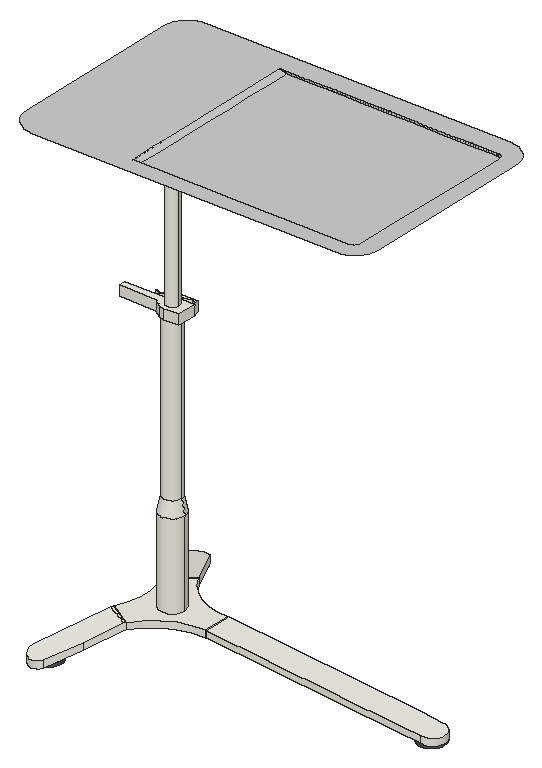
Revit family "Haworth_Maria_Table_EU_PRELIMINARY", category Furniture, Revit 2018
Family settings
  OmniClass Number = 23.40.20.00
  OmniClass Title = General Furniture and Specialties
  Work Plane-Based = No
  Always vertical = Yes
  Cut with Voids When Loaded = No
  Shared = No
  Room Calculation Point = No
Parameters (values of type "Metal Top")
  Warranty = "http://www.haworth.com/resources/product-info/warranties"
  Version = "1"  # constant formula
  URL - Product = "https://www.haworth.com/eu/en/products/meeting-tables/maria.html"
  URL = "https://www.haworth.com/eu/en.html"
  Size = "Verify Final Dim. w/ Haworth"  # constant formula
  Model = "MATA0604"  # constant formula
  Min. Height = 60 cm  # constant formula
  Metal Finish [instance] = Haworth _ Paint _ Putty
  Max. Height = 80 cm  # constant formula
  Manufacturer = "Haworth"  # constant formula
  Height = 80 cm
  Glide Finish = Haworth _ Paint _ Collection Black
  Description = "Haworth - Maria - Table - Metal Top"  # constant formula
  Base Finish = Haworth _ Paint _ Collection White
  Author = "Haworth (Abd Rahman)"  # constant formula
  Assembly Code = "E2020200"
  Actual Width = 59 cm  # constant formula
  Actual Height = if(Height > Max. Height, Max. Height, if(Height < Min. Height, Min. Height, Height))  # 80 cm
  Actual Depth = 37 cm  # constant formula
Reference planes (cm)
  plane 1: z = 0
  plane 2 "Table top": z = 80
  plane 3 "Angle 1": through (-17.7063, 9.0416, 121.92) normal (-0.8736, -0.4866, 0)
  plane 4 "Angle 2": through (-24.7569, -14.2287, 121.92) normal (-0.8489, 0.5285, 0)
  plane 5: z = 50.1
  plane 6: z = 71.07
  plane 7: z = 78.3901
  plane 8: x = -27.2265
  plane 9: x = 31.7735
  plane 10: z = 71.07
  plane 11: y = 22.1516
  plane 12: y = -14.8484
  plane 13: y = 3.6516
  plane 14: x = 2.2735
Forms (cm)
  Revolve 1, solid, material "Haworth _ Paint _ Collection White" <- "Base Finish"
    sketch origin (0, 2.75, 0) x (1, 0, 0) y (0, 0, 1)
      loop
        line (-13.5, 48.457) -> (-13.5, 4.8343) -> (-11.5, 4.8343) -> (-11.5001, 19) -> (-12.0001, 21.5) -> (-12.0001, 48.457) -> (-13.5, 48.457)
      axis (-13.5, 48.457) -> (-13.5, 4.8343)
    angle from 0 to 360
  Revolve 2, solid, material "Haworth _ Paint _ Collection White" <- "Base Finish"
    sketch origin (0, 2.8125, 0) x (1, 0, 0) y (0, 0, 1)
      loop
        line (-13.5238, 71.07) -> (-13.5238, 50.1) -> (-12.4958, 50.1) -> (-12.4958, 71.07) -> (-13.5238, 71.07)
      axis (-13.5238, 71.07) -> (-13.5238, 50.1)
    angle from 0 to 360
  Extrusion 3, solid, material "Haworth _ Paint _ Collection White" <- "Base Finish"
    sketch origin (0.0312, 0, 0) x (1, 0, 0) y (0, 1, 0)
      loop
        line (-21.9812, 3.3602) -> (-21.9812, 2.2615) -> (-15.829, 2.1359) -> (-14.4477, 1.2805) -> (-13.5, 1.0109) -> (-11.0768, 1.1109) -> (-11.0997, 4.3651) -> (-13.5, 4.4641) -> (-14.4477, 4.3412) -> (-15.829, 3.4858) -> (-21.9812, 3.3602)
      loop
        line (-11.5019, 5.429) -> (-14.0475, 5.4037) -> (-15.0782, 5.0016) -> (-16.6105, 3.8977) -> (-17.4144, 4.2544) -> (-17.4469, 4.1813) -> (-16.601, 3.806) -> (-15.0224, 4.9432) -> (-14.6029, 4.5237) -> (-13.5314, 4.8109) -> (-12.1046, 5.0109) -> (-11.2812, 4.6109) -> (-11.0999, 4.3984) -> (-11.5019, 5.429)
    from 48.457 to 50.1
  Extrusion 4, solid, material "Haworth _ Paint _ Collection White" <- "Base Finish"
    sketch origin (-0.5977, 0, 0) x (0, 1, 0) y (0, 0, 1)
      loop
        line (0.649, 74.4172) -> (1.6203, 72.5892) -> (1.9216, 71.07) -> (3.7656, 71.07) -> (4.0454, 72.8036) -> (5.0983, 74.6935)
        arc (5.0983, 74.6935) -> (2.6591, 78.0094) -> (0.649, 74.4172) r 2.4482
    from -13.3023 to -12.5023
  Extrusion 5, solid, material "Haworth _ Paint _ Collection White" <- "Base Finish"
    sketch origin (-0.5977, 0, 0) x (0, 1, 0) y (0, 0, 1)
      loop
        line (5.5501, 78.3901) -> (-0.1176, 78.3901) -> (0.6009, 75.2778)
        arc (0.6009, 75.2778) -> (2.8011, 73.0776) -> (5.0013, 75.2778) r 2.2002
        line (5.0013, 75.2778) -> (5.5501, 78.3901)
    from -14.7023 to -13.3023
  Sweep 6, solid, material "Haworth _ Paint _ Collection White" <- "Base Finish"
    path origin (0, 0, 0) x (1, 0, 0) y (0, 0, 1)
      loop
        line (33.4924, 0.1709) -> (-5.9999, 3.7388) -> (-6.0877, 3.7388)
    profile origin (13.7463, 0, 1.9549) x (-0.089979, 0, -0.995944) y (0, -1, 0)
      loop
        line (-1.0918, -0.5173) -> (-1.0901, -5.0557) -> (0.0009, -5.0557) -> (-0.0008, -0.5173) -> (-1.0918, -0.5173)
  Sweep 7, solid, material "Haworth _ Paint _ Collection White" <- "Base Finish"
    path origin (-9.6668, -5.3916, 0) x (0.486611, -0.873619, 0) y (0, 0, 1)
      loop
        line (-16.6055, 3.7388) -> (-31.0481, -0.3122)
    profile origin (-21.2612, 15.4239, 1.7133) x (0.131418, -0.235936, -0.962841) y (-0.873619, -0.486611, 0)
      loop
        line (-0.074, 2.0027) -> (-1.1287, 2.0027) -> (-1.1318, -2.7292) -> (-0.077, -2.7292) -> (-0.074, 2.0027)
  Sweep 8, solid, material "Haworth _ Paint _ Collection White" <- "Base Finish"
    path origin (-11.7607, 6.9914, 0) x (-0.515038, -0.857167, 0) y (0, 0, 1)
      loop
        line (24.487, -0.2863) -> (11.8745, 3.7388) -> (11.7313, 3.7388)
    profile origin (-17.8396, -3.1257, 3.7388) x (0, 0, -1) y (-0.857167, 0.515038, 0)
      loop
        line (-1.0954, -2.7) -> (0, -2.7) -> (0, 2.0321) -> (-1.0954, 2.0321) -> (-1.0954, -2.7)
  Extrusion 9, solid, material "Haworth _ Paint _ Collection White" <- "Base Finish"
    sketch origin (0, 0, 0) x (1, 0, 0) y (0, 1, 0)
      loop
        arc (-19.6456, 8.4068) -> (-18.2225, 3.2085) -> (-19.5485, -2.0153) r 10.5652
        line (-19.5485, -2.0153) -> (-15.4858, -4.4564)
        arc (-15.4858, -4.4564) -> (-11.4453, -0.7246) -> (-6.0877, 0.5201) r 10.7498
        line (-6.0877, 0.5201) -> (-6.0877, 5.0527)
        arc (-6.0877, 5.0527) -> (-11.6361, 6.475) -> (-15.478, 10.7233) r 9.9379
        line (-15.478, 10.7233) -> (-19.6456, 8.4068)
    from 3.7388 to 4.8343
  Extrusion 10, void
    sketch origin (0, 0, 0) x (1, 0, 0) y (0, 1, 0)
      loop
        arc (-25.6077, 18.5359) -> (-24.7911, 21.5393) -> (-21.7539, 20.8593) r 2.2523
        line (-21.7539, 20.8593) -> (-15.5117, 10.7103) -> (-13.8082, 11.7581) -> (-22.1961, 24.1937) -> (-27.2743, 21.6062) -> (-25.6077, 18.5359)
    from -0.9894 to 5.9781
  Extrusion 11, void
    sketch origin (0, 0, 0) x (1, 0, 0) y (0, 1, 0)
      loop
        arc (29.6811, 5.0557) -> (31.9503, 2.7865) -> (29.6811, 0.5173) r 2.2692
        line (29.6811, 0.5173) -> (26.1811, 0.5173) -> (26.1811, -0.9827) -> (35.1811, -0.9827) -> (35.1811, 7.0173) -> (26.1811, 7.0173) -> (26.1811, 5.0557) -> (29.6811, 5.0557)
    from 0 to 2.8093
  Extrusion 12, void
    sketch origin (0, 0, 0) x (1, 0, 0) y (0, 1, 0)
      loop
        line (-25.1425, -11.1278) -> (-22.2674, -6.5102) -> (-23.5407, -5.7173) -> (-29.3236, -14.2351) -> (-21.1252, -19.8011) -> (-14.6729, -11.2386) -> (-18.2092, -9.0368) -> (-21.5443, -14.0417)
        arc (-21.5443, -14.0417) -> (-24.414, -13.9067) -> (-25.1425, -11.1278) r 2.4258
    from -1.7936 to 4.8343
  Extrusion 13, solid, material "Haworth _ Paint _ Collection White" <- "Base Finish"
    sketch origin (-0.5977, 0, 0) x (0, 1, 0) y (0, 0, 1)
      loop
        circle (2.7792, 75.5504) r 1.2504
    from -13.3023 to -12.5023
  Extrusion 14, solid, material "Haworth _ Paint _ Collection Black" <- "Glide Finish"
    sketch origin (0.375, 0.625, 0) x (1, 0, 0) y (0, 1, 0)
      loop
        circle (-23.0135, -12.149) r 2.1
      loop
        circle (29.3415, 2.1545) r 2.2
      loop
        circle (-23.7139, 18.8753) r 1.9
    from 0 to 0.4638
Cuts and joins
  joined: Revolve 1, Revolve 2
  Extrusion 10 cuts Sweep 7
  Extrusion 11 cuts Sweep 6
  Extrusion 12 cuts Sweep 8
Lines and regions (cm)
  symbolic lines, style "FurnitureHiddenLines"
    curve 1: line (-22.4976, 21.2556, 0) -> (-15.298, 10.3629, 0)
    curve 2: arc (-6.021, 5.0557, 0) -> (-11.4337, 6.356, 0) -> (-15.298, 10.3629, 0) r 9.9379
    curve 3: line (29.4058, 5.0557, 0) -> (-6.021, 5.0557, 0)
    curve 4: line (-6.0042, 0.5173, 0) -> (29.4058, 0.5173, 0)
    curve 5: arc (29.4058, 5.0557, 0) -> (31.675, 2.7865, 0) -> (29.4058, 0.5173, 0) r 2.2692
    curve 6: arc (-15.5749, -4.5989, 0) -> (-11.4826, -0.7444, 0) -> (-6.0042, 0.5173, 0) r 10.7498
    curve 7: line (-18.537, -9.5286, 0) -> (-15.5749, -4.5989, 0)
    curve 8: line (-18.9844, -1.1055, 0) -> (-24.9516, -11.0366, 0)
    curve 9: arc (-21.638, -13.9572, 0) -> (-24.5117, -13.8775, 0) -> (-24.9516, -11.0366, 0) r 2.2454
    curve 10: line (-18.537, -9.5286, 0) -> (-21.638, -13.9572, 0)
    curve 11: arc (-19.5606, 8.3864, 0) -> (-18.1504, 3.7086, 0) -> (-18.9844, -1.1055, 0) r 10.6167
    curve 12: line (-25.6621, 19.7494, 0) -> (-19.5606, 8.3864, 0)
    curve 13: arc (-25.6621, 19.7494, 0) -> (-24.4681, 21.3184, 0) -> (-22.4976, 21.2556, 0) r 2.1509
Dimensions and locks (cm)
  "Actual Height": plane 2 "Table top" to plane 1
  plane 2 "Table top" to level = 80 cm
  locked: plane 2 "Table top" to plane 7 at 1.6099
  locked: plane 7 to plane 6 at 7.3201
  locked: plane 5 to plane 1 at 50.1
  equal spacing: plane 12, plane 13, plane 11
  "Actual Depth": plane 12 to plane 11
  "Actual Width": plane 8 to plane 9
  equal spacing: plane 8, plane 14, plane 9
  aligned and locked: level to plane 1
  aligned and locked: plane 5 to cut or joined group of Revolve 1, Revolve 2
  aligned and locked: plane 6 to cut or joined group of Revolve 1, Revolve 2
  aligned and locked: Extrusion 4 to plane 6
  aligned and locked: Extrusion 4 to Extrusion 13
  aligned and locked: plane 14 to nested 1
  aligned and locked: plane 13 to nested 1
  aligned and locked: plane 2 "Table top" to nested 1
Automatic sketch dimensions
  level to Revolve 1 sketch curve = 4.8343 cm
  Revolve 1 sketch curve to Revolve 1 sketch curve = 0.5 cm
  Revolve 1 sketch curve to Revolve 1 sketch curve = 2 cm
  Revolve 1 sketch curve to Revolve 1 sketch curve = 14.1657 cm
  Revolve 1 sketch curve to Revolve 1 sketch curve = 2.5 cm
  Revolve 1 sketch curve to Revolve 1 sketch curve = 26.957 cm
  Revolve 1 sketch curve to Revolve 1 sketch curve = 0 cm  (x3)
  Revolve 2 sketch curve to Revolve 2 sketch curve = 1.0279 cm
  Revolve 2 sketch curve to plane 2 "Table top" = 29.9 cm
  Revolve 2 sketch curve to plane 2 "Table top" = 8.93 cm
  Revolve 2 sketch curve to Revolve 2 sketch curve = 0 cm  (x3)
  Extrusion 3 sketch curve to Extrusion 3 sketch curve = 4.5344 cm
  Extrusion 3 sketch curve to Extrusion 3 sketch curve = 0.0324 cm
  Extrusion 3 sketch curve to Extrusion 3 sketch curve = 0.772 cm  (x2)
  Extrusion 3 sketch curve to Extrusion 3 sketch curve = 0.7509 cm
  Extrusion 3 sketch curve to Extrusion 3 sketch curve = 0.0558 cm
  Extrusion 3 sketch curve to Extrusion 3 sketch curve = 0.4195 cm  (x2)
  Extrusion 3 sketch curve to Extrusion 3 sketch curve = 1.3814 cm
  Extrusion 3 sketch curve to Extrusion 3 sketch curve = 0.1553 cm
  Extrusion 3 sketch curve to Extrusion 3 sketch curve = 0.5555 cm
  Extrusion 3 sketch curve to Extrusion 3 sketch curve = 0.5161 cm
  Extrusion 3 sketch curve to Extrusion 3 sketch curve = 0.0314 cm
  Extrusion 3 sketch curve to Extrusion 3 sketch curve = 0.9477 cm
  Extrusion 3 sketch curve to Extrusion 3 sketch curve = 1.4268 cm
  Extrusion 3 sketch curve to Extrusion 3 sketch curve = 0.6026 cm
  Extrusion 3 sketch curve to Extrusion 3 sketch curve = 0.2207 cm
  Extrusion 3 sketch curve to Extrusion 3 sketch curve = 0.1813 cm
  Extrusion 3 sketch curve to Extrusion 3 sketch curve = 0.0002 cm
  Extrusion 3 sketch curve to Extrusion 3 sketch curve = 2.4232 cm
  Extrusion 5 sketch curve to plane 2 "Table top" = 1.6099 cm
  Extrusion 5 sketch curve to Extrusion 5 sketch curve = 3.1123 cm
  Sweep 7 sketch curve to level = 0.3122 cm
  level to Sweep 7 sketch curve = 3.7388 cm
  Sweep 7 sketch curve to Sweep 7 sketch curve = 14.4426 cm
  profile plane to Sweep 7 sketch curve = 1.1287 cm
  plane 3 "Angle 1" to Sweep 7 sketch curve = 2.0027 cm
  profile plane to Sweep 7 sketch curve = 1.1318 cm
  profile plane to Sweep 7 sketch curve = 0.074 cm
  Sweep 7 sketch curve to plane 3 "Angle 1" = 2.7292 cm
  profile plane to Sweep 7 sketch curve = 0.077 cm
  Extrusion 9 sketch curve to Extrusion 9 sketch curve = 9.1416 cm
  Extrusion 9 sketch curve to Extrusion 9 sketch curve = 4.1676 cm
  Extrusion 9 sketch curve to Extrusion 9 sketch curve = 2.3165 cm
  profile plane to Sweep 6 sketch curve = 1.0901 cm
  Sweep 6 sketch curve to profile plane = 5.0557 cm
  Sweep 6 sketch curve to profile plane = 0.5173 cm
  profile plane to Sweep 6 sketch curve = 1.0918 cm
  Sweep 6 sketch curve to profile plane = 0.0009 cm
  profile plane to Sweep 6 sketch curve = 0.0008 cm
  Extrusion 10 sketch curve to Extrusion 10 sketch curve = 1.4322 cm
  Extrusion 10 sketch curve to Extrusion 10 sketch curve = 1.8743 cm
  Extrusion 10 sketch curve to Extrusion 10 sketch curve = 6.2422 cm
  Extrusion 10 sketch curve to Extrusion 10 sketch curve = 1.6666 cm
  Extrusion 11 sketch curve to Extrusion 11 sketch curve = 0 cm
  Extrusion 11 sketch curve to Extrusion 11 sketch curve = 3.5 cm
  Extrusion 11 sketch curve to Extrusion 11 sketch curve = 5.5 cm
  Extrusion 11 sketch curve to Extrusion 11 sketch curve = 1.5 cm
  level to Sweep 6 sketch curve = 0.1709 cm
  Sweep 6 sketch curve to Sweep 6 sketch curve = 0.0879 cm
  level to Sweep 6 sketch curve = 3.7388 cm
  level to Sweep 8 sketch curve = 3.7388 cm
  Sweep 8 sketch curve to Sweep 8 sketch curve = 0.1432 cm
  Sweep 8 sketch curve to level = 0.2863 cm
  Sweep 8 sketch curve to Sweep 8 sketch curve = 12.6125 cm
  profile plane to Sweep 8 sketch curve = 0 cm
  profile plane to Sweep 8 sketch curve = 1.0954 cm
  Sweep 8 sketch curve to profile plane = 2.7 cm
  profile plane to Sweep 8 sketch curve = 2.0321 cm
  Extrusion 9 sketch curve to Extrusion 9 sketch curve = 4.0626 cm
  Extrusion 12 sketch curve to Extrusion 12 sketch curve = 4.1811 cm
  Extrusion 12 sketch curve to Extrusion 12 sketch curve = 1.6017 cm
  Extrusion 12 sketch curve to Extrusion 12 sketch curve = 2.2552 cm
  Extrusion 12 sketch curve to Extrusion 12 sketch curve = 1.2734 cm
  Extrusion 12 sketch curve to Extrusion 12 sketch curve = 1.343 cm
  Extrusion 12 sketch curve to Extrusion 12 sketch curve = 4.0581 cm
  Extrusion 12 sketch curve to Extrusion 12 sketch curve = 3.5363 cm
  Extrusion 4 sketch curve to plane 6 = 0 cm
  plane 6 to Extrusion 4 sketch curve = 1.5192 cm
  plane 6 to Extrusion 4 sketch curve = 1.7336 cm
  Extrusion 4 sketch curve to Extrusion 4 sketch curve = 1.828 cm
  Extrusion 4 sketch curve to Extrusion 4 sketch curve = 1.8899 cm
  Extrusion 13 sketch curve to plane 7 = 2.8397 cm
  Extrusion 14 sketch curve to plane 8 = 3.8876 cm
  Extrusion 14 sketch curve to plane 8 = 4.588 cm
  plane 9 to Extrusion 14 sketch curve = 2.057 cm
  plane 8 to curve 11 = 1.521 cm
  curve 8 to plane 8 = 2.2749 cm
  curve 12 to plane 8 = 1.5644 cm
  curve 9 to curve 9 = 1.9247 cm
  curve 12 to curve 13 = 2.1183 cm
  curve 9 to curve 10 = 1.389 cm
  curve 13 to curve 1 = 1.0462 cm
  curve 8 to plane 8 = 8.2421 cm
  curve 12 to plane 8 = 7.6659 cm
  curve 10 to curve 7 = 3.101 cm
  curve 8 to curve 7 = 3.4096 cm
  curve 12 to curve 1 = 4.2626 cm
  curve 3 to curve 4 = 0.0168 cm
  plane 9 to curve 5 = 2.3677 cm
  curve 10 to curve 9 = 1.7642 cm
  curve 10 to curve 7 = 4.4286 cm
  curve 7 to curve 8 = 3.4934 cm
  curve 10 to curve 7 = 4.9297 cm
  curve 6 to curve 6 = 5.6258 cm
  Extrusion 9 sketch curve to Extrusion 9 sketch curve = 8.9791 cm
  Extrusion 12 sketch curve to Extrusion 12 sketch curve = 0.4191 cm
  Extrusion 12 sketch curve to Extrusion 12 sketch curve = 0.7928 cm
  Extrusion 12 sketch curve to Extrusion 12 sketch curve = 2.5267 cm
  Extrusion 12 sketch curve to Extrusion 12 sketch curve = 4.6176 cm
  Extrusion 12 sketch curve to Extrusion 12 sketch curve = 2.2018 cm
  Extrusion 12 sketch curve to Extrusion 12 sketch curve = 0.8938 cm
  Extrusion 12 sketch curve to Extrusion 12 sketch curve = 3.1073 cm
  curve 11 to curve 12 = 11.363 cm
  curve 13 to curve 13 = 0.3733 cm
  Extrusion 10 sketch curve to plane 8 = 1.6188 cm
  Extrusion 10 sketch curve to Extrusion 10 sketch curve = 1.7036 cm
  Extrusion 10 sketch curve to Extrusion 10 sketch curve = 2.3234 cm
  Extrusion 10 sketch curve to Extrusion 10 sketch curve = 3.0702 cm
  Extrusion 10 sketch curve to Extrusion 10 sketch curve = 3.3343 cm
  curve 10 to plane 4 "Angle 2" = 2.5041 cm
  curve 5 to curve 5 = 2.2692 cm
  curve 11 to curve 11 = 4.1708 cm
  curve 12 to curve 1 = 1.9765 cm
  Extrusion 3 sketch curve to Extrusion 3 sketch curve = 0.8039 cm
  Extrusion 3 sketch curve to Extrusion 3 sketch curve = 0.0095 cm
  plane 3 "Angle 1" to Extrusion 3 sketch curve = 0.2059 cm
  Extrusion 3 sketch curve to Extrusion 3 sketch curve = 0.1 cm
  Extrusion 3 sketch curve to Extrusion 3 sketch curve = 0.2697 cm
  Extrusion 3 sketch curve to Extrusion 3 sketch curve = 0.8554 cm  (x2)
  Extrusion 3 sketch curve to Extrusion 3 sketch curve = 0.1255 cm
  Extrusion 3 sketch curve to Extrusion 3 sketch curve = 1.0987 cm
  Extrusion 3 sketch curve to Extrusion 3 sketch curve = 1.3498 cm
  Extrusion 3 sketch curve to Extrusion 3 sketch curve = 0.3202 cm
  Extrusion 3 sketch curve to Extrusion 3 sketch curve = 0.0917 cm
  Extrusion 3 sketch curve to Extrusion 3 sketch curve = 3.2542 cm
  Extrusion 3 sketch curve to Extrusion 3 sketch curve = 0.0334 cm
  Extrusion 3 sketch curve to Extrusion 3 sketch curve = 0.123 cm
  Extrusion 3 sketch curve to Extrusion 3 sketch curve = 0.1825 cm
  Extrusion 3 sketch curve to Extrusion 3 sketch curve = 0.2124 cm
  Extrusion 3 sketch curve to Extrusion 3 sketch curve = 0.3467 cm
  Extrusion 3 sketch curve to Extrusion 3 sketch curve = 0.0584 cm
  Extrusion 3 sketch curve to Extrusion 3 sketch curve = 0.4 cm
  Extrusion 3 sketch curve to Extrusion 3 sketch curve = 0.5928 cm
  Extrusion 3 sketch curve to Extrusion 3 sketch curve = 0.4181 cm
  Extrusion 4 sketch curve to Extrusion 4 sketch curve = 0.9713 cm
  Extrusion 4 sketch curve to Extrusion 4 sketch curve = 0.3013 cm
  Extrusion 4 sketch curve to Extrusion 4 sketch curve = 2.1619 cm
  Extrusion 4 sketch curve to Extrusion 4 sketch curve = 1.844 cm
  Extrusion 4 sketch curve to Extrusion 4 sketch curve = 0.2798 cm
  Extrusion 4 sketch curve to Extrusion 4 sketch curve = 1.0529 cm
  Extrusion 5 sketch curve to Extrusion 5 sketch curve = 0.7185 cm
  Extrusion 5 sketch curve to Extrusion 5 sketch curve = 2.2002 cm
  Extrusion 5 sketch curve to Extrusion 5 sketch curve = 0.5488 cm
  Extrusion 9 sketch curve to plane 8 = 7.6781 cm
  Extrusion 9 sketch curve to plane 3 "Angle 1" = 0.4893 cm
  Extrusion 9 sketch curve to Extrusion 9 sketch curve = 5.7683 cm
  Extrusion 9 sketch curve to Extrusion 9 sketch curve = 2.4411 cm
  Extrusion 9 sketch curve to Extrusion 9 sketch curve = 5.1254 cm
  Extrusion 9 sketch curve to Extrusion 9 sketch curve = 4.5326 cm
  Extrusion 10 sketch curve to plane 3 "Angle 1" = 2.7292 cm
  Extrusion 10 sketch curve to Extrusion 10 sketch curve = 1.0478 cm
  Extrusion 11 sketch curve to plane 3 "Angle 1" = 41.3254 cm
  Extrusion 11 sketch curve to Extrusion 11 sketch curve = 2.2692 cm
  Extrusion 11 sketch curve to Extrusion 11 sketch curve = 1.9616 cm
  Extrusion 12 sketch curve to plane 4 "Angle 2" = 6.0282 cm
  Extrusion 14 sketch curve to plane 4 "Angle 2" = 0.3687 cm
  Extrusion 14 sketch curve to Extrusion 14 sketch curve = 14.3035 cm
  Extrusion 14 sketch curve to Extrusion 14 sketch curve = 31.0243 cm
  plane 11 to curve 2 = 7.1695 cm
  curve 2 to curve 2 = 8.7991 cm
  curve 6 to curve 6 = 9.1602 cm
  Revolve 1 sketch curve to plane 8 = 13.7265 cm
  Revolve 1 sketch curve to plane 8 = 15.2264 cm
  Revolve 2 sketch curve to plane 8 = 13.7028 cm
  plane 13 to Extrusion 3 sketch curve = 1.3901 cm
  Sweep 6 sketch curve to plane 8 = 21.2267 cm
  Sweep 6 sketch curve to plane 9 = 1.719 cm
  Extrusion 9 sketch curve to plane 13 = 4.7552 cm
  Extrusion 9 sketch curve to plane 8 = 7.5809 cm
  plane 13 to Extrusion 9 sketch curve = 3.1314 cm
  Extrusion 10 sketch curve to Extrusion 10 sketch curve = 1.9795 cm
  plane 13 to Extrusion 11 sketch curve = 4.6343 cm
  Extrusion 12 sketch curve to plane 12 = 0.6133 cm
  radius of Extrusion 13 sketch curve = 1.2504 cm
  radius of Extrusion 14 sketch curve = 2.1 cm
  radius of Extrusion 14 sketch curve = 2.2 cm
  radius of Extrusion 14 sketch curve = 1.9 cm
Nested families (cm)
  nested 1: "Haworth_Maria_TableTop_Metal_PART" at (-0.0563, 0.4766, 0), Table Finish <- "Metal Finish", type "Metal Top - PART"
    with Table Finish Haworth _ Paint _ Putty
Definition of nested family "Haworth_Maria_TableTop_Metal_PART"
  Parameters (values of type "Metal Top - PART")
    Warranty = "http://www.haworth.com/resources/product-info/warranties"
    Version = "1"  # constant formula
    URL - Product = "https://www.haworth.com/ap/en/products/office-desks/space-enabler.html"
    URL = "https://www.haworth.com/ap/en.html"
    Table Finish [instance] = none
    Size = "Verify Final Dim. w/ Haworth"  # constant formula
    Model = "Maria Table"  # constant formula
    Manufacturer = "Haworth"  # constant formula
    Description = "Haworth - Maria Table - Metal Top - PART"  # constant formula
    Base Finish = none
    Author = "Haworth (Abd Rahman)"  # constant formula
    Assembly Code = "E2020200"
    Actual Width = 59 cm  # constant formula
    Actual Height = 80 cm  # constant formula
    Actual Depth = 37 cm  # constant formula
  Reference planes (cm)
    plane 1: z = 0
    plane 2 "Table top": z = 80
    plane 3: y = -15.325
    plane 4: y = 3.175
    plane 5: z = 78.389
    plane 6: y = 21.675
    plane 7: x = -27.1703
    plane 8: x = 31.8297
    plane 9: x = 2.3297
  Forms (cm)
    Blend 1, solid, material <- "Table Finish"
      base sketch origin (0, 0, 0) x (1, 0, 0) y (0, 1, 0)
        loop
          arc (-23.1703, 20.175) -> (-24.938, 19.4428) -> (-25.6703, 17.675) r 2.5
          line (-25.6703, 17.675) -> (-25.6703, -10.825)
          arc (-25.6703, -10.825) -> (-24.7916, -12.9463) -> (-22.6703, -13.825) r 3
          line (-22.6703, -13.825) -> (27.8297, -13.825)
          arc (27.8297, -13.825) -> (29.5975, -13.0928) -> (30.3297, -11.325) r 2.5
          line (30.3297, -11.325) -> (30.3297, 17.175)
          arc (30.3297, 17.175) -> (29.4511, 19.2963) -> (27.3297, 20.175) r 3
          line (27.3297, 20.175) -> (-23.1703, 20.175)
      top sketch origin (0, 0, 0) x (1, 0, 0) y (0, 1, 0)
        loop
          arc (-23.1703, 21.675) -> (-25.9987, 20.5034) -> (-27.1703, 17.675) r 4
          line (-27.1703, 17.675) -> (-27.1703, -10.825)
          arc (-27.1703, -10.825) -> (-25.8522, -14.007) -> (-22.6703, -15.325) r 4.5
          line (-22.6703, -15.325) -> (27.8297, -15.325)
          arc (27.8297, -15.325) -> (30.6582, -14.1534) -> (31.8297, -11.325) r 4
          line (31.8297, -11.325) -> (31.8297, 17.175)
          arc (31.8297, 17.175) -> (30.5117, 20.357) -> (27.3297, 21.675) r 4.5
          line (27.3297, 21.675) -> (-23.1703, 21.675)
      from 79.6081 to 80
    Blend 2, solid, material <- "Table Finish"
      base sketch origin (0, 0, 0) x (1, 0, 0) y (0, 1, 0)
        loop
          arc (-17.6658, 8.7769) -> (-18.0193, 8.6304) -> (-18.1658, 8.2769) r 0.5
          line (-18.1658, 8.2769) -> (-18.1658, -2.5549)
          arc (-18.1658, -2.5549) -> (-18.0193, -2.9085) -> (-17.6658, -3.0549) r 0.5
          line (-17.6658, -3.0549) -> (-4.3, -3.0549)
          arc (-4.3, -3.0549) -> (-3.5929, -2.762) -> (-3.3, -2.0549) r 1
          line (-3.3, -2.0549) -> (-3.3, 7.7769)
          arc (-3.3, 7.7769) -> (-3.5929, 8.484) -> (-4.3, 8.7769) r 1
          line (-4.3, 8.7769) -> (-17.6658, 8.7769)
      top sketch origin (0, 0, 0) x (1, 0, 0) y (0, 1, 0)
        loop
          line (-25.6703, 17.6546) -> (-25.6703, -10.825)
          arc (-25.6703, -10.825) -> (-24.7916, -12.9463) -> (-22.6703, -13.825) r 3
          line (-22.6703, -13.825) -> (27.8297, -13.825)
          arc (27.8297, -13.825) -> (29.5975, -13.0928) -> (30.3297, -11.325) r 2.5
          line (30.3297, -11.325) -> (30.3297, 17.175)
          arc (30.3297, 17.175) -> (29.4511, 19.2963) -> (27.3297, 20.175) r 3
          line (27.3297, 20.175) -> (-23.1498, 20.175)
          arc (-23.1498, 20.175) -> (-24.932, 19.4368) -> (-25.6703, 17.6546) r 2.5204
      from 78.389 to 79.6081
    Blend 3, void
      base sketch origin (0, 0, 0) x (1, 0, 0) y (0, 1, 0)
        loop
          line (-7.1083, 18.2221) -> (-7.1083, -12.6001) -> (28.0296, -12.6001)
          arc (28.0296, -12.6001) -> (28.7367, -12.3072) -> (29.0296, -11.6001) r 1
          line (29.0296, -11.6001) -> (29.0296, 17.2221)
          arc (29.0296, 17.2221) -> (28.7367, 17.9292) -> (28.0296, 18.2221) r 1
          line (28.0296, 18.2221) -> (-7.1083, 18.2221)
      top sketch origin (0, 0, 0) x (1, 0, 0) y (0, 1, 0)
        loop
          line (-9.3423, -12.5905) -> (27.7722, -12.7495)
          arc (27.7722, -12.7495) -> (28.6571, -12.3877) -> (29.0275, -11.5062) r 1.25
          line (29.0275, -11.5062) -> (29.1812, 17.1231)
          arc (29.1812, 17.1231) -> (28.8166, 18.0106) -> (27.9295, 18.376) r 1.2462
          line (27.9295, 18.376) -> (-9.3423, 18.2122) -> (-9.3423, -12.5905)
      from 79.6761 to 80.3283
    Extrusion 4, solid, material <- "Base Finish"
      sketch origin (0, 0, 0) x (1, 0, 0) y (0, 0, 1)
        loop
          line (-15.3, 78.389) -> (-18.1658, 78.389) -> (-20.8805, 78.8295) -> (-20.8805, 78.3739) -> (-19.0722, 78.3739) -> (-18.4141, 78.2459) -> (-15.3, 78.2459) -> (-15.3, 78.389)
      from -5.6423 to -0.175
    Extrusion 5, solid, material <- "Base Finish"
      sketch origin (-0.5977, 0, 0) x (0, 1, 0) y (0, 0, 1)
        loop
          arc (4.9586, 77.2422) -> (5.5242, 77.4766) -> (5.7586, 78.0422) r 0.8
          line (5.7586, 78.0422) -> (5.7586, 78.438) -> (0.1471, 78.438) -> (0.1471, 78.0422)
          arc (0.1471, 78.0422) -> (0.3814, 77.4766) -> (0.9471, 77.2422) r 0.8
          line (0.9471, 77.2422) -> (4.9586, 77.2422)
      from -18.0894 to -17.8279
  Cuts and joins
    Blend 3 cuts Blend 1
  Lines and regions (cm)
    Masking region 1
      outline origin (0, 0, 0) x (1, 0, 0) y (0, 1, 0)
        loop
          arc (-27.1703, -10.825) -> (-25.8522, -14.007) -> (-22.6703, -15.325) r 4.5
          line (-22.6703, -15.325) -> (27.8297, -15.325)
          arc (27.8297, -15.325) -> (30.6582, -14.1534) -> (31.8297, -11.325) r 4
          line (31.8297, -11.325) -> (31.8297, 17.175)
          arc (31.8297, 17.175) -> (30.5117, 20.357) -> (27.3297, 21.675) r 4.5
          line (27.3297, 21.675) -> (-23.1703, 21.675)
          arc (-23.1703, 21.675) -> (-25.9987, 20.5034) -> (-27.1703, 17.675) r 4
          line (-27.1703, 17.675) -> (-27.1703, -10.825)
    symbolic lines
      curve 1: line (-17.6658, 8.7769, 0) -> (-4.3, 8.7769, 0)
      curve 2: arc (-4.3, 8.7769, 0) -> (-3.5929, 8.484, 0) -> (-3.3, 7.7769, 0) r 1
      curve 3: line (-3.3, 7.7769, 0) -> (-3.3, -2.0549, 0)
      curve 4: arc (-3.3, -2.0549, 0) -> (-3.5929, -2.762, 0) -> (-4.3, -3.0549, 0) r 1
      curve 5: line (-4.3, -3.0549, 0) -> (-17.6658, -3.0549, 0)
      curve 6: arc (-17.6658, -3.0549, 0) -> (-18.0193, -2.9085, 0) -> (-18.1658, -2.5549, 0) r 0.5
      curve 7: line (-18.1658, -2.5549, 0) -> (-18.1658, 8.2769, 0)
      curve 8: arc (-18.1658, 8.2769, 0) -> (-18.0193, 8.6304, 0) -> (-17.6658, 8.7769, 0) r 0.5
      curve 9: line (-8.2179, 18.2172, 0) -> (27.9801, 18.2985, 0)
      curve 10: arc (27.9801, 18.2985, 0) -> (28.7765, 17.9695, 0) -> (29.1049, 17.1728, 0) r 1.1223
      curve 11: line (29.1049, 17.1728, 0) -> (29.0286, -11.5536, 0)
      curve 12: arc (29.0286, -11.5536, 0) -> (28.6972, -12.3471, 0) -> (27.9019, -12.6743, 0) r 1.1242
      curve 13: line (27.9019, -12.6743, 0) -> (-8.2179, -12.5954, 0)
      curve 14: line (-8.2179, -12.5954, 0) -> (-8.2179, 18.2172, 0)
      curve 15: line (-7.1083, 18.2221, 0) -> (-7.1083, -12.6001, 0)
  Dimensions and locks (cm)
    "Actual Height": plane 2 "Table top" to plane 1
    plane 2 "Table top" to level = 80 cm
    equal spacing: plane 6, plane 4, plane 3
    "Actual Depth": plane 6 to plane 3
    "Actual Width": plane 7 to plane 8
    equal spacing: plane 7, plane 9, plane 8
    aligned and locked: level to plane 1
  Automatic sketch dimensions
    Blend 1 sketch curve to plane 3 = 1.5 cm
    Blend 1 sketch curve to Blend 1 sketch curve = 3 cm
    Blend 1 sketch curve to plane 3 = 4 cm
    Blend 1 sketch curve to Blend 1 sketch curve = 0.5 cm
    plane 3 to Blend 1 sketch curve = 0 cm
    Blend 1 sketch curve to plane 3 = 4.5 cm
    Blend 1 sketch curve to Blend 1 sketch curve = 4 cm  (x2)
    Blend 3 sketch curve to plane 3 = 2.7249 cm
    Blend 3 sketch curve to Blend 3 sketch curve = 1 cm
    Blend 3 sketch curve to plane 3 = 2.7345 cm
    Blend 3 sketch curve to Blend 3 sketch curve = 0.0055 cm
    Blend 3 sketch curve to plane 3 = 2.5755 cm
    Blend 3 sketch curve to Blend 3 sketch curve = 0.0054 cm
    Blend 3 sketch curve to Blend 3 sketch curve = 1.2517 cm
    Blend 3 sketch curve to plane 3 = 3.8188 cm
    Blend 3 sketch curve to Blend 3 sketch curve = 1.25 cm
    Extrusion 4 sketch curve to plane 5 = 0 cm
    Extrusion 4 sketch curve to plane 5 = 0.4405 cm
    plane 5 to Extrusion 4 sketch curve = 0.0151 cm
    Extrusion 4 sketch curve to Extrusion 4 sketch curve = 1.8083 cm
    plane 5 to Extrusion 4 sketch curve = 0.143 cm
    Extrusion 4 sketch curve to Extrusion 4 sketch curve = 0.6581 cm
    Extrusion 4 sketch curve to Extrusion 4 sketch curve = 0.2484 cm
    Extrusion 4 sketch curve to Extrusion 4 sketch curve = 2.8658 cm
    Extrusion 5 sketch curve to plane 5 = 0.0491 cm
    plane 5 to Extrusion 5 sketch curve = 0.3467 cm  (x2)
    plane 4 to Extrusion 5 sketch curve = 3.0279 cm
    Extrusion 5 sketch curve to Extrusion 5 sketch curve = 0.8 cm
    Extrusion 5 sketch curve to plane 4 = 1.7836 cm
    Blend 2 sketch curve to plane 3 = 4.5 cm
    Blend 2 sketch curve to Blend 2 sketch curve = 2.5204 cm
    Blend 2 sketch curve to Blend 2 sketch curve = 3 cm  (x2)
    Blend 2 sketch curve to plane 4 = 5.1019 cm
    Blend 2 sketch curve to Blend 2 sketch curve = 0.5 cm  (x2)
    Blend 2 sketch curve to Blend 2 sketch curve = 1 cm
    plane 4 to Blend 2 sketch curve = 5.2299 cm
    Blend 1 sketch curve to Blend 1 sketch curve = 2.5 cm
    Blend 1 sketch curve to plane 4 = 14 cm  (x2)
    Blend 2 sketch curve to plane 4 = 14 cm
    Blend 3 sketch curve to plane 4 = 14.0471 cm
    Blend 3 sketch curve to plane 4 = 13.9481 cm
    Blend 3 sketch curve to Blend 3 sketch curve = 0.0067 cm
    Blend 3 sketch curve to plane 4 = 15.0372 cm
    Blend 1 sketch curve to plane 7 = 1.5 cm
    plane 8 to Blend 1 sketch curve = 4.5 cm
    Blend 1 sketch curve to plane 7 = 0 cm
    Blend 1 sketch curve to plane 8 = 0 cm
    Blend 1 sketch curve to Blend 1 sketch curve = 4.5 cm
    Blend 2 sketch curve to plane 7 = 9.0045 cm
    Blend 2 sketch curve to plane 4 = 4.6019 cm
    Blend 2 sketch curve to Blend 2 sketch curve = 13.3658 cm
    Blend 2 sketch curve to plane 7 = 1.5 cm
    plane 8 to Blend 2 sketch curve = 4.5 cm
    Blend 2 sketch curve to Blend 2 sketch curve = 2.5 cm
    Blend 3 sketch curve to plane 7 = 20.062 cm
    plane 8 to Blend 3 sketch curve = 3.8002 cm  (x2)
    Blend 3 sketch curve to plane 7 = 17.8279 cm  (x2)
    plane 8 to Blend 3 sketch curve = 4.0576 cm
    plane 8 to Blend 3 sketch curve = 3.9003 cm
    Extrusion 4 sketch curve to plane 7 = 6.2897 cm
    Masking region 1 sketch curve to plane 7 = 0 cm
    plane 3 to Masking region 1 sketch curve = 0 cm
    Masking region 1 sketch curve to plane 3 = 4.5 cm
    Masking region 1 sketch curve to plane 6 = 4 cm
    Masking region 1 sketch curve to Masking region 1 sketch curve = 4.5 cm
    Masking region 1 sketch curve to plane 3 = 4 cm
    Masking region 1 sketch curve to plane 8 = 0 cm
    Masking region 1 sketch curve to plane 6 = 0 cm
    curve 7 to plane 7 = 9.0045 cm
    curve 8 to curve 8 = 0.5 cm
    curve 6 to curve 6 = 0.5 cm
    curve 1 to plane 9 = 6.6297 cm
    curve 4 to plane 9 = 6.6297 cm
    curve 4 to curve 3 = 1 cm
    plane 4 to curve 5 = 6.2299 cm
    curve 2 to plane 4 = 4.6019 cm
    curve 9 to plane 6 = 3.4578 cm
    curve 9 to curve 1 = 3.9179 cm
    curve 13 to plane 3 = 2.7296 cm
    curve 13 to curve 4 = 3.9179 cm
    plane 8 to curve 13 = 3.9278 cm
    curve 12 to curve 12 = 0.0025 cm
    plane 8 to curve 9 = 3.8497 cm
    curve 10 to curve 10 = 0.0025 cm
    curve 12 to curve 11 = 1.1242 cm
    curve 10 to curve 11 = 1.1223 cm
    curve 13 to plane 3 = 2.6507 cm
    curve 12 to curve 11 = 1.1208 cm
    curve 11 to plane 6 = 4.5022 cm
    curve 11 to curve 10 = 0.0034 cm
